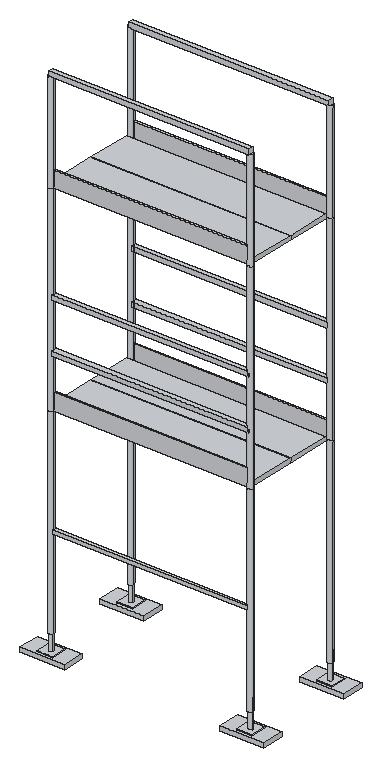
Revit family "BIM_ST_Scaffolding_JapaneseKusabi_Unhosted_LOD300", category Generic Models, Revit 2022
Family settings
  Can host rebar = No
  Round Connector Dimension = Use Diameter
  Part Type = Normal
  Work Plane-Based = No
  Always vertical = Yes
  Cut with Voids When Loaded = No
  Maintain Annotation Orientation = No
  Shared = No
  Room Calculation Point = No
Parameters (values of type "Standard_1800x900_3Tiers")
  Top_Guardrail_Height = 900 mm
  Story_Height = 1800 mm
  Jack_Base_Adjustment [instance] = 150 mm
  Default Elevation = 0 mm
  Bay_Width = 900 mm
  Bay_Length = 1800 mm
Types (5, lengths in mm): name | Bay_Width | Bay_Length
  Standard_1800x900_3Tiers | 900 | 1800
  Compact_1800x600_3Tiers | 600 | 1800
  SubModule_1500x900_3Tiers | 900 | 1500
  SubModule_1200x900_3Tiers | 900 | 1200
  ShortModule_900x900_3Tiers | 900 | 900
Reference planes
  plane 1 "Center (Front/Back)": y = 0
  plane 2: z = 0
  plane 3 "Center (Left/Right)": x = 0
  plane 4 "Ref_Length_Left": x = -900
  plane 5 "Ref_Length_Right": x = 900
  plane 6 "Ref_Width_Front": y = -450
  plane 7 "Ref_Width_Back": y = 450
Dimensions and locks
  aligned and locked: level to plane 2
Nested families
  nested 1: "BIM_ST_Scaff_SoleBoard_Shared" at (-900, -450, 0), type "BIM_ST_Scaff_SoleBoard_Shared"
    with Width 0 mm, Length 0 mm
  nested 2: "BIM_ST_Scaff_SoleBoard_Shared" at (900, -450, 0), type "BIM_ST_Scaff_SoleBoard_Shared"
    with Width 0 mm, Length 0 mm
  nested 3: "BIM_ST_Scaff_SoleBoard_Shared" at (900, 450, 0), type "BIM_ST_Scaff_SoleBoard_Shared"
    with Width 0 mm, Length 0 mm
  nested 4: "BIM_ST_Scaff_SoleBoard_Shared" at (-900, 450, 0), type "BIM_ST_Scaff_SoleBoard_Shared"
    with Width 0 mm, Length 0 mm
  nested 5: "BIM_ST_Scaff_JackBase_Shared" at (-900, -450, 40), type "BIM_ST_Scaff_JackBase_Shared"
    with Adjustment_Height 0 mm
  nested 6: "BIM_ST_Scaff_JackBase_Shared" at (900, -450, 40), type "BIM_ST_Scaff_JackBase_Shared"
    with Adjustment_Height 0 mm
  nested 7: "BIM_ST_Scaff_JackBase_Shared" at (900, 450, 40), type "BIM_ST_Scaff_JackBase_Shared"
    with Adjustment_Height 0 mm
  nested 8: "BIM_ST_Scaff_JackBase_Shared" at (-900, 450, 40), type "BIM_ST_Scaff_JackBase_Shared"
    with Adjustment_Height 0 mm
  nested 9: "BIM_ST_Scaff_StandardPost_Shared" at (-900, -450, 190), type "BIM_ST_Scaff_StandardPost_Shared"
    with Height 0 mm
  nested 10: "BIM_ST_Scaff_StandardPost_Shared" at (900, -450, 190), type "BIM_ST_Scaff_StandardPost_Shared"
    with Height 0 mm
  nested 11: "BIM_ST_Scaff_StandardPost_Shared" at (900, 450, 190), type "BIM_ST_Scaff_StandardPost_Shared"
    with Height 0 mm
  nested 12: "BIM_ST_Scaff_StandardPost_Shared" at (-900, 450, 190), type "BIM_ST_Scaff_StandardPost_Shared"
    with Height 0 mm
  nested 13: "BIM_ST_Scaff_StandardPost_Shared" at (-900, -450, 1990), type "BIM_ST_Scaff_StandardPost_Shared"
    with Height 0 mm
  nested 14: "BIM_ST_Scaff_StandardPost_Shared" at (900, -450, 1990), type "BIM_ST_Scaff_StandardPost_Shared"
    with Height 0 mm
  nested 15: "BIM_ST_Scaff_StandardPost_Shared" at (900, 450, 1990), type "BIM_ST_Scaff_StandardPost_Shared"
    with Height 0 mm
  nested 16: "BIM_ST_Scaff_StandardPost_Shared" at (-900, 450, 1990), type "BIM_ST_Scaff_StandardPost_Shared"
    with Height 0 mm
  nested 17: "BIM_ST_Scaff_PlankWalkway_Shared" at (0, -200, 1990), Length <- "Bay_Length", type "BIM_ST_Scaff_PlankWalkway_Shared"
    with Width 0 mm, Length 1800 mm
  nested 18: "BIM_ST_Scaff_PlankWalkway_Shared" at (0, 200, 1990), Length <- "Bay_Length", type "BIM_ST_Scaff_PlankWalkway_Shared"
    with Width 0 mm, Length 1800 mm
  nested 19: "BIM_ST_Scaff_Ledger_Shared" at (0, -450, 2890), Length <- "Bay_Length", type "BIM_ST_Scaff_Ledger_Shared"
    with Length 1800 mm
  nested 20: "BIM_ST_Scaff_Ledger_Shared" at (0, 450, 2890), Length <- "Bay_Length", type "BIM_ST_Scaff_Ledger_Shared"
    with Length 1800 mm
  nested 21: "BIM_ST_Scaff_Ledger_Shared" at (0, -450, 2440), Length <- "Bay_Length", type "BIM_ST_Scaff_Ledger_Shared"
    with Length 1800 mm
  nested 22: "BIM_ST_Scaff_Ledger_Shared" at (0, 450, 2440), Length <- "Bay_Length", type "BIM_ST_Scaff_Ledger_Shared"
    with Length 1800 mm
  nested 23: "BIM_ST_Scaff_ToeBoard_Shared" at (0, -450, 1990), Length <- "Bay_Length", type "BIM_ST_Scaff_ToeBoard_Shared"
    with Length 1800 mm
  nested 24: "BIM_ST_Scaff_ToeBoard_Shared" at (0, 450, 1990), Length <- "Bay_Length", type "BIM_ST_Scaff_ToeBoard_Shared"
    with Length 1800 mm
  nested 25: "BIM_ST_Scaff_CrossBrace_Shared" at (0, -450, 1000), Length <- "Bay_Length", type "BIM_ST_Scaff_CrossBrace_Shared"
    with Length 1800 mm
  nested 26: "BIM_ST_Scaff_TopPost_Shared" at (-900, -450, 3790), type "BIM_ST_Scaff_TopPost_Shared"
    with Height 0 mm
  nested 27: "BIM_ST_Scaff_TopPost_Shared" at (900, -450, 3790), type "BIM_ST_Scaff_TopPost_Shared"
    with Height 0 mm
  nested 28: "BIM_ST_Scaff_TopPost_Shared" at (900, 450, 3790), type "BIM_ST_Scaff_TopPost_Shared"
    with Height 0 mm
  nested 29: "BIM_ST_Scaff_TopPost_Shared" at (-900, 450, 3790), type "BIM_ST_Scaff_TopPost_Shared"
    with Height 0 mm
  nested 30: "BIM_ST_Scaff_PlankWalkway_Shared" at (0, -200, 3790), Length <- "Bay_Length", type "BIM_ST_Scaff_PlankWalkway_Shared"
    with Width 0 mm, Length 1800 mm
  nested 31: "BIM_ST_Scaff_PlankWalkway_Shared" at (0, 200, 3790), Length <- "Bay_Length", type "BIM_ST_Scaff_PlankWalkway_Shared"
    with Width 0 mm, Length 1800 mm
  nested 32: "BIM_ST_Scaff_Ledger_Shared" at (0, -450, 4690), Length <- "Bay_Length", type "BIM_ST_Scaff_Ledger_Shared"
    with Length 1800 mm
  nested 33: "BIM_ST_Scaff_Ledger_Shared" at (0, 450, 4690), Length <- "Bay_Length", type "BIM_ST_Scaff_Ledger_Shared"
    with Length 1800 mm
  nested 34: "BIM_ST_Scaff_ToeBoard_Shared" at (0, -450, 3790), Length <- "Bay_Length", type "BIM_ST_Scaff_ToeBoard_Shared"
    with Length 1800 mm
  nested 35: "BIM_ST_Scaff_ToeBoard_Shared" at (0, 450, 3790), Length <- "Bay_Length", type "BIM_ST_Scaff_ToeBoard_Shared"
    with Length 1800 mm
Definition of nested family "BIM_ST_Scaff_SoleBoard_Shared"
  Parameters
    Width [instance] = 0 mm
    Length [instance] = 0 mm
    Default Elevation = 0 mm
  Reference planes
    plane 1 "Center (Front/Back)": y = 0
    plane 2: z = 0
    plane 3 "Center (Left/Right)": x = 0
  Forms (mm)
    Extrusion 1, solid
      sketch origin (0, 0, 0) x (1, 0, 0) y (0, 1, 0)
        loop
          line (-200, -100) -> (200, -100) -> (200, 100) -> (-200, 100) -> (-200, -100)
      from 0 to 40
  Dimensions and locks
    aligned and locked: level to plane 2
Definition of nested family "BIM_ST_Scaff_JackBase_Shared"
  Parameters
    Default Elevation = 0 mm
    Adjustment_Height [instance] = 0 mm
  Reference planes
    plane 1 "Center (Front/Back)": y = 0
    plane 2: z = 0
    plane 3 "Center (Left/Right)": x = 0
  Forms (mm)
    Extrusion 1, solid
      sketch origin (0, 0, 0) x (1, 0, 0) y (0, 1, 0)
        loop
          line (-70, -70) -> (70, -70) -> (70, 70) -> (-70, 70) -> (-70, -70)
      from 0 to 6
    Extrusion 2, solid
      sketch origin (0, 0, 0) x (1, 0, 0) y (0, 1, 0)
        loop
          circle (0, 0) r 18
      from 0 to 300
  Dimensions and locks
    aligned and locked: level to plane 2
Definition of nested family "BIM_ST_Scaff_StandardPost_Shared"
  Parameters
    Height [instance] = 0 mm
    Default Elevation = 0 mm
  Reference planes
    plane 1 "Center (Front/Back)": y = 0
    plane 2: z = 0
    plane 3 "Center (Left/Right)": x = 0
  Forms (mm)
    Extrusion 1, solid
      sketch origin (0, 0, 0) x (1, 0, 0) y (0, 1, 0)
        loop
          circle (0, 0) r 24.3
      from 0 to 1800
  Dimensions and locks
    aligned and locked: level to plane 2
Definition of nested family "BIM_ST_Scaff_PlankWalkway_Shared"
  Parameters
    Width [instance] = 0 mm
    Length [instance] = 0 mm
    Default Elevation = 0 mm
  Reference planes
    plane 1 "Center (Front/Back)": y = 0
    plane 2: z = 0
    plane 3 "Center (Left/Right)": x = 0
  Forms (mm)
    Extrusion 1, solid
      sketch origin (0, 0, 0) x (1, 0, 0) y (0, 1, 0)
        loop
          line (-900, -200) -> (900, -200) -> (900, 200) -> (-900, 200) -> (-900, -200)
      from 0 to 40
  Dimensions and locks
    aligned and locked: level to plane 2
Definition of nested family "BIM_ST_Scaff_Ledger_Shared"
  Parameters
    Length [instance] = 0 mm
    Default Elevation = 0 mm
  Reference planes
    plane 1 "Center (Front/Back)": y = 0
    plane 2: z = 0
    plane 3 "Center (Left/Right)": x = 0
  Forms (mm)
    Extrusion 1, solid
      sketch origin (0, 0, 0) x (1, 0, 0) y (0, 1, 0)
        loop
          line (-900, -21.35) -> (900, -21.35) -> (900, 21.35) -> (-900, 21.35) -> (-900, -21.35)
      from 0 to 42.7
  Dimensions and locks
    aligned and locked: level to plane 2
Definition of nested family "BIM_ST_Scaff_ToeBoard_Shared"
  Parameters
    Length [instance] = 0 mm
    Default Elevation = 0 mm
  Reference planes
    plane 1 "Center (Front/Back)": y = 0
    plane 2: z = 0
    plane 3 "Center (Left/Right)": x = 0
  Forms (mm)
    Extrusion 1, solid
      sketch origin (0, 0, 0) x (1, 0, 0) y (0, 1, 0)
        loop
          line (-900, -7.5) -> (900, -7.5) -> (900, 7.5) -> (-900, 7.5) -> (-900, -7.5)
      from 0 to 150
  Dimensions and locks
    aligned and locked: level to plane 2
Definition of nested family "BIM_ST_Scaff_CrossBrace_Shared"
  Parameters
    Length [instance] = 0 mm
    Default Elevation = 0 mm
  Reference planes
    plane 1 "Center (Front/Back)": y = 0
    plane 2: z = 0
    plane 3 "Center (Left/Right)": x = 0
  Forms (mm)
    Extrusion 1, solid
      sketch origin (0, 0, 0) x (1, 0, 0) y (0, 1, 0)
        loop
          line (-900, -15) -> (900, -15) -> (900, 15) -> (-900, 15) -> (-900, -15)
      from 0 to 30
  Dimensions and locks
    aligned and locked: level to plane 2
Definition of nested family "BIM_ST_Scaff_TopPost_Shared"
  Parameters
    Height [instance] = 0 mm
    Default Elevation = 0 mm
  Reference planes
    plane 1 "Center (Front/Back)": y = 0
    plane 2: z = 0
    plane 3 "Center (Left/Right)": x = 0
  Forms (mm)
    Extrusion 1, solid
      sketch origin (0, 0, 0) x (1, 0, 0) y (0, 1, 0)
        loop
          circle (0, 0) r 24.3
      from 0 to 900
  Dimensions and locks
    aligned and locked: level to plane 2
